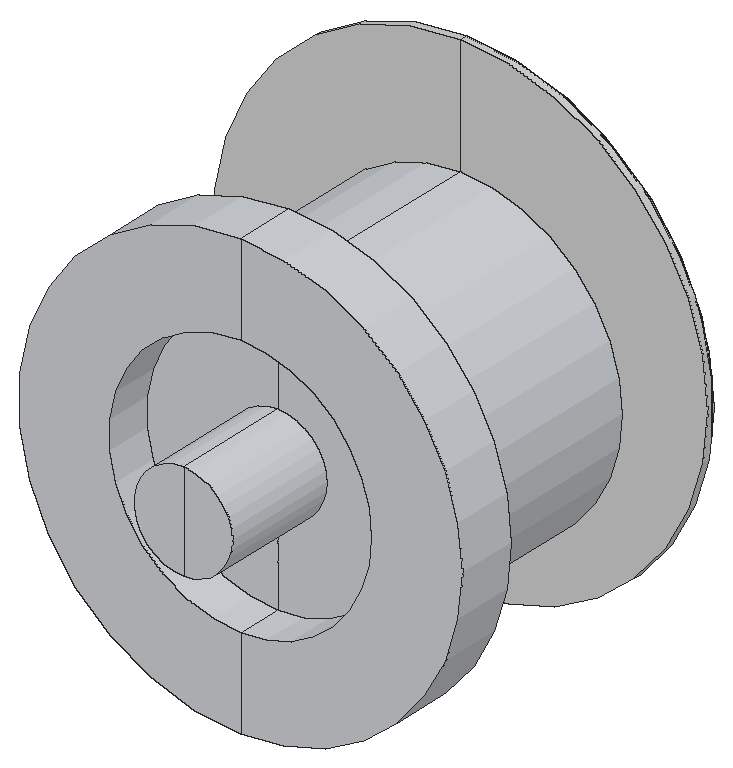
Revit family "52501-presto", category Plumbing Fixtures, Revit 2022
Family settings
  Round Connector Dimension = Use Diameter
  Part Type = Normal
  OmniClass Number = 23.45.00.00
  OmniClass Title = Sanitary, Laundry, and Cleaning Equipment
  Work Plane-Based = Yes
  Always vertical = Yes
  Cut with Voids When Loaded = No
  Maintain Annotation Orientation = No
  Shared = No
  Room Calculation Point = No
Parameters (values of type "52501-presto")
  ref = "52501 - Modular sensor detection for shower, cross-partition 1-30mm, 30sec, 6l/min, mains"
  range = "Modular detection"
  pressure = 5.00 bar
  min pressure = 1.00 bar
  material = stain
  glass = Default
  flow time = 15.0 s
  flow = 6 L/min
  brand = "Les Robinets PRESTO"
  URL = "https://www.prestodatashare.com/espacedoc/Fiches_Techniques/GB/52501.pdf"
  Standards & approvals [instance] = "Brass body in accordance with EN 1982, EN 12164, EN 12156\r\nMolded chrome-plated body in accordance with EN 12540\r\n200-hour neutral salt spray resistant (NSS) in accordance with ISO 9227"
  Ref [instance] = "52501 - Modular sensor detection for shower, cross-partition 1-30mm, 30sec, 6l/min, mains"
  Recommended pressure = 3.00 bar
  Range [instance] = "Modular detection"
  Model = "52501"
  Manufacturer = "presto"
  Function [instance] = "Sensor trigger suitable for PRM, elderly, children and disabled people Starts a flow time with hand detection\r\nSensor trigger suitable for PRM, elderly, children and disabled people Starts a flow time with hand detection\r\nSensor trigger suitable for PRM, elderly, children and disabled people Starts a flow time with hand detection\r\nSensor trigger suitable for PRM, elderly, children and disabled people Starts a flow time with hand detection\r\nSensor trigger suitable for PRM, elderly, children and disabled people Starts a flow time with hand detection\r\nSensor trigger suitable for PRM, elderly, children and disabled people Starts a flow time with hand detection"
  Description = "Modular detection"
  Delivered with [instance] = "Instruction manual"
  Default Elevation = 1219.2 mm
  > Thermal resistance : = 75.0000 (h·ft²·°F)/BTU
  - Hydraulic supply = 15.000"
Reference planes
  plane 1 "Center (Front/Back)": y = 0
  plane 2: z = 0
  plane 3 "Center (Left/Right)": x = 0
  plane 4: through (12192, -65.521, 1.879) normal (0, -0.4226, -0.9063)
  plane 5 "h": through (12192, -65.521, 1.879) normal (0, -0.4226, -0.9063)
Forms (mm)
  Revolve 1, solid, material "stain" <- "material"
    sketch origin (0, 0, -102.5) x (0, 1, 0) y (0, 0, 1)
      loop
        line (-0.009, 73.193) -> (1.043, 73.193)
        arc (1.043, 73.193) -> (1.512, 73.735) -> (1.626, 74.442) r 1.311
        arc (1.626, 74.442) -> (2.608, 91.077) -> (2.491, 107.741) r 252.356
        line (2.491, 107.741) -> (-0.009, 107.741) -> (-0.009, 73.193)
      axis (2.491, 107.741) -> (-0.009, 107.741)
    angle from 0 to 360
  Extrusion 2, solid, material "stain" <- "material"
    sketch origin (0, 0, -102.5) x (1, 0, 0) y (0, 0, 1)
      loop
        circle (-0.046, 107.744) r 12
      loop
        line (4.954, 113.844) -> (-5.046, 113.844)
        arc (-5.046, 113.844) -> (-11.146, 107.744) -> (-5.046, 101.644) r 6.1
        line (-5.046, 101.644) -> (4.954, 101.644)
        arc (4.954, 101.644) -> (11.054, 107.744) -> (4.954, 113.844) r 6.1
    from 0 to -3.463
  Extrusion 3, solid, material "Default" <- "glass"
    sketch origin (0, 0, -102.5) x (1, 0, 0) y (0, 0, 1)
      loop
        arc (-5.046, 113.778) -> (-11.079, 107.744) -> (-5.046, 101.711) r 6.033
        line (-5.046, 101.711) -> (4.954, 101.711)
        arc (4.954, 101.711) -> (10.974, 108.147) -> (4.15, 113.724) r 6.033
        line (4.15, 113.724) -> (-5.046, 113.778)
    from -3.02 to 0.009
  Revolve 4, solid
    sketch origin (0, 0, -102.5) x (0, 1, 0) y (0, 0, 1)
      loop
        line (-30.009, 134.193) -> (-38.509, 134.193) -> (-38.509, 121.523) -> (-32.009, 121.523) -> (-32.009, 109.993) -> (-48.508, 109.993) -> (-48.508, 103.156) -> (-0.009, 103.156) -> (-0.009, 125.716) -> (-30.009, 125.716) -> (-30.009, 134.193)
      axis (-48.508, 103.156) -> (-0.009, 103.156)
    angle from 0 to 360
  Extrusion 5, solid, material "stain" <- "material"
    sketch origin (0, 0, -105) x (1, 0, 0) y (0, 0, 1)
      loop
        arc (-3.896, 92.957) -> (-0.046, 92.344) -> (3.804, 92.957) r 12.4
        arc (3.804, 92.957) -> (4.06, 93.462) -> (3.556, 93.718) r 0.4
        arc (3.556, 93.718) -> (-0.046, 93.144) -> (-3.648, 93.718) r 11.6
        arc (-3.648, 93.718) -> (-4.152, 93.462) -> (-3.896, 92.957) r 0.4
      loop
        arc (-3.106, 95.119) -> (-0.046, 94.644) -> (3.014, 95.119) r 10.1
        arc (3.014, 95.119) -> (3.274, 95.621) -> (2.772, 95.881) r 0.4
        arc (2.772, 95.881) -> (-0.046, 95.444) -> (-2.864, 95.881) r 9.3
        arc (-2.864, 95.881) -> (-3.366, 95.621) -> (-3.106, 95.119) r 0.4
      loop
        arc (2.222, 97.281) -> (2.488, 97.78) -> (1.989, 98.047) r 0.4
        arc (1.989, 98.047) -> (-0.046, 97.744) -> (-2.081, 98.047) r 7
        arc (-2.081, 98.047) -> (-2.58, 97.78) -> (-2.314, 97.281) r 0.4
        arc (-2.314, 97.281) -> (-0.046, 96.944) -> (2.222, 97.281) r 7.8
    from 0 to -3.463
Dimensions and locks
  aligned and locked: level to plane 2
Connectors
  piping at (0, -48.508, 0.656), diameter 20
    settings: on Revolve 4, index 1, connector inside diameter 24", connector length 0 mm, flow factor 0, pipe flow 0 L/min, pressure drop 0.00 bar, fitting loss kfactor 0, connector angle 0.00°, fixture units 0, engagement length 0 mm, angle of deflection 0.00°, flow configuration 0, flow direction 0, fitting loss method 0, system type 7, joint type 0, gender type 0, connector reference index -1, connector utility 0, adjustable connector no, is connector primary yes, connector description ""
